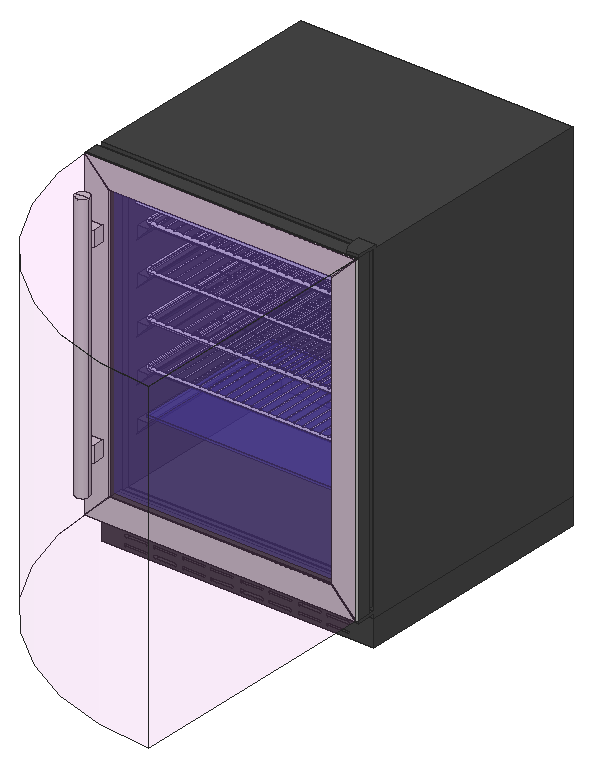
Revit family "QF_Summit_ALBV2466_Built_In_Compliant_Beverage_Center", category Specialty Equipment, Revit 2020
Family settings
  Round Connector Dimension = Use Diameter
  Part Type = Normal
  Work Plane-Based = No
  Always vertical = Yes
  Cut with Voids When Loaded = No
  Shared = No
  Room Calculation Point = No
Parameters
  Weight in Pounds = 112
  Watts = Volts * FL Amps  # 143.75 W
  Volts = 115 V
  URL Cutsheet = ""
  Specification by User = ""
  Specification by Manufacturer = ""
  Show RHD [instance] = not(Show LHD)  # no
  Show LHD [instance] = yes
  Show Clearance [instance] = yes
  Serial Number = ""
  Seismic Rating = ""
  SMACNA No = ""
  Revision Code = ""
  Refrigerant Volume = 0.00 kip
  Refrigerant Type = "R600a"
  Phase = 1
  Number of Poles = 1
  NAFEM Spec ID Number = ""
  Model = "ALBV2466"
  Min Ckt Ampacity = 0 A
  Max Overcurrent Protection = 0 A
  Masterspec = ""
  Manufacturer = "Summit"
  Length = 23 1/2"
  Item Number = ""
  Installed By = ""
  Identify Quantity as Lot = yes
  Height = 31.63"
  HP = ""
  Furnished By = ""
  Foodservice Equipment Identifier = yes
  FL Amps = 1.25 A
  Electrical Remarks = ""
  Electric Connection Type = ""
  Elec Conn RI Height = 0"
  Elec Conn Connection Height = 0"
  Description = "Built In Compliant Beverage Center"
  Depth = 23.38"
  Default Elevation = 0"
  Cycle = 60 Hz
  Conn Plug = ""
  Conn Conduit = yes
  CSI MasterFormat = ""
  BTUH = 0.0 Btu/h
  Apparent Power = 0 VA
Reference planes (in)
  plane 1 "BACK": y = 0
  plane 2: z = 0
  plane 3 "LEFT": x = 0
  plane 4 "RIGHT": x = 23.5
  plane 5 "FRONT": y = -23.38
  plane 6 "TOP": z = 31.63
  plane 7 "Center Y": x = 11.75
  plane 8 "Center X": y = -11.69
Dimensions and locks (in)
  equal spacing: plane 3 "LEFT", plane 7 "Center Y", plane 4 "RIGHT"
  "Length": plane 3 "LEFT" to plane 4 "RIGHT"
  equal spacing: plane 5 "FRONT", plane 8 "Center X", plane 1 "BACK"
  "Depth": plane 5 "FRONT" to plane 1 "BACK"
  "Height": plane 6 "TOP" to level
  aligned and locked: level to plane 2
Nested families (in)
  nested 1: "ALBV2466" at (0, 0, 0), Show Clearance <- "Show Clearance", Show LHD <- "Show LHD", Show RHD <- "Show RHD", type "ALBV2466"
    with Show RHD no, Show LHD yes, Show Clearance yes
Connectors (in)
  electrical at (17.72869, 0.03125, 1.50257), driven by "Volts", driven by "Watts"
    settings: on nested 1, index 1, voltage 115 V, apparent load 143.75 VA, apparent load phase1 0 VA, apparent load phase2 0 VA, apparent load phase3 0 VA, power factor 1, load classification "Other", number of poles 1, system type 30, power factor state 1, is connector primary yes, connector utility no, sub classification motor no, connector description "ELECTRICAL CONNECTION"
Definition of nested family "ALBV2466"
  Parameters (values of type "ALBV2466")
    Weight in Pounds = 0
    URL Cutsheet = ""
    Specification by User = ""
    Specification by Manufacturer = ""
    Show RHD [instance] = no
    Show LHD [instance] = yes
    Show Clearance [instance] = yes
    Serial Number = ""
    Seismic Rating = ""
    SMACNA No = ""
    Revision Code = ""
    NAFEM Spec ID Number = ""
    Masterspec = ""
    Length = 23 1/2"
    Item Number = ""
    Installed By = ""
    Identify Quantity as Lot = yes
    Height = 31.63"
    Furnished By = ""
    Foodservice Equipment Identifier = yes
    Depth = 23.38"
    Default Elevation = 0"
    CSI MasterFormat = ""
  Reference planes (in)
    plane 1 "BACK": y = 0
    plane 2: z = 0
    plane 3 "LEFT": x = 0
    plane 4 "RIGHT": x = 23.5
    plane 5 "FRONT": y = -23.38
    plane 6 "TOP": z = 31.63
    plane 7 "Center Y": x = 11.75
    plane 8 "Center X": y = -11.69
    plane 9: y = -21.5
    plane 10: y = -25.38
    plane 11: y = -45.75
    plane 12: z = 0.75
    plane 13: z = 3
    plane 14: z = 5.19826
    plane 15: z = 28.69826
    plane 16: y = -4.47703
    plane 17: x = 2.7162
    plane 18: x = 2.7162
    plane 19: x = 2.7162
    plane 20: x = 2.7162
    plane 21: z = 26.63193
  Forms (in)
    Extrusion 1, solid
      sketch origin (-2.23505, -180, 3) x (-1, 0, 0) y (0, -1, 0)
        loop
          line (-2.23505, -180) -> (-2.23505, -158.5) -> (-25.73505, -158.5) -> (-25.73505, -180) -> (-2.23505, -180)
      from 0 to 28.63
    Extrusion 2, solid
      sketch origin (-2.23505, -180, 3) x (0, -1, 0) y (-1, 0, 0)
        loop
          line (-180, -2.23505) -> (-180, -25.73505) -> (-158.5, -25.73505) -> (-158.5, -2.23505) -> (-180, -2.23505)
      from 0 to 2.25
    Extrusion 3, solid
      sketch origin (-0.90145, -180, 3.612) x (-1, 0, 0) y (0, -1, 0)
        loop
          line (-0.90145, -158.00011) -> (-0.90145, -156.745) -> (-24.40145, -156.745) -> (-24.40145, -158.00011) -> (-0.90145, -158.00011)
      from 0 to 28.018
    Extrusion 4, solid
      sketch origin (-2.23505, -180, 3.5) x (-1, 0, 0) y (0, -1, 0)
        loop
          line (-2.43171, -158.5) -> (-2.43171, -158.00011) -> (-25.53973, -158.00011) -> (-25.53973, -158.5) -> (-2.43171, -158.5)
      from 0.33346 to 27.88
    Extrusion 5, solid
      sketch origin (7.85548, -23.255, 3.612) x (-1, 0, 0) y (0, 0, -1)
        loop
          line (7.85548, -28.018) -> (7.85548, 0) -> (5.73416, -2.12132) -> (5.73416, -25.89668) -> (7.85548, -28.018)
      from 0 to 0.125
    Extrusion 6, solid
      sketch origin (7.85548, -23.255, 3.612) x (-1, 0, 0) y (0, 0, -1)
        loop
          line (5.73416, -25.89668) -> (-13.5232, -25.89668) -> (-15.64452, -28.018) -> (7.85548, -28.018) -> (5.73416, -25.89668)
      from 0 to 0.125
    Extrusion 7, solid
      sketch origin (7.85548, -23.255, 3.612) x (-1, 0, 0) y (0, 0, -1)
        loop
          line (-13.5232, -25.89668) -> (-13.5232, -2.12132) -> (-15.64452, 0) -> (-15.64452, -28.018) -> (-13.5232, -25.89668)
      from 0 to 0.125
    Extrusion 8, solid
      sketch origin (7.85548, -23.255, 3.612) x (-1, 0, 0) y (0, 0, -1)
        loop
          line (5.73416, -2.12132) -> (7.85548, 0) -> (-15.64452, 0) -> (-13.5232, -2.12132) -> (5.73416, -2.12132)
      from 0 to 0.125
    Extrusion 9, void
      sketch origin (0, -21.99989, 3.612) x (-1, 0, 0) y (0, 0, -1)
        loop
          line (-2.12132, -25.89668) -> (-2.12132, -2.12132) -> (-21.37868, -2.12132) -> (-21.37868, -25.89668) -> (-2.12132, -25.89668)
      from 0 to 1.38011
    Extrusion 10, void
      sketch origin (2.12132, -23.255, 5.73332) x (0, 1, 0) y (1, 0, 0)
        loop
          line (1.25511, 0.12868) -> (18.27797, 0.12868)
          arc (18.27797, 0.12868) -> (18.63152, 0.27513) -> (18.77797, 0.62868) r 0.5
          line (18.77797, 0.62868) -> (18.77797, 18.62868)
          arc (18.77797, 18.62868) -> (18.63152, 18.98223) -> (18.27797, 19.12868) r 0.5
          line (18.27797, 19.12868) -> (1.25511, 19.12868) -> (1.25511, 0.12868)
      from 0 to -23.77536
    Extrusion 11, solid
      sketch origin (0, -20.78021, 34.63209) x (0, 0, 1) y (1, 0, 0)
        loop
          line (-5.12341, 2.25) -> (-5.12341, 21.25) -> (-7.24448, 21.25) -> (-7.24448, 2.25) -> (-5.12341, 2.25)
      from 0 to 0.25
    Extrusion 12, solid
      sketch origin (0, -20.53021, 27.38761) x (0, 0, 1) y (1, 0, 0)
        loop
          line (-5.52711, 2.25) -> (-5.52711, 3.25) -> (-5.67824, 3.25) -> (-6.67824, 2.25) -> (-5.52711, 2.25)
        loop
          line (-9.27711, 2.25) -> (-9.27711, 3.25) -> (-9.42824, 3.25) -> (-10.42824, 2.25) -> (-9.27711, 2.25)
        loop
          line (-13.02711, 2.25) -> (-13.02711, 3.25) -> (-13.17824, 3.25) -> (-14.17824, 2.25) -> (-13.02711, 2.25)
        loop
          line (-16.77711, 2.25) -> (-16.77711, 3.25) -> (-16.92824, 3.25) -> (-17.92824, 2.25) -> (-16.77711, 2.25)
        loop
          line (-5.52711, 21.25) -> (-6.67824, 21.25) -> (-5.67824, 20.25) -> (-5.52711, 20.25) -> (-5.52711, 21.25)
        loop
          line (-9.27711, 21.25) -> (-10.42824, 21.25) -> (-9.42824, 20.25) -> (-9.27711, 20.25) -> (-9.27711, 21.25)
        loop
          line (-13.02711, 21.25) -> (-14.17824, 21.25) -> (-13.17824, 20.25) -> (-13.02711, 20.25) -> (-13.02711, 21.25)
        loop
          line (-16.77711, 21.25) -> (-17.92824, 21.25) -> (-16.92824, 20.25) -> (-16.77711, 20.25) -> (-16.77711, 21.25)
        loop
          line (-1.77711, 2.25) -> (-1.77711, 3.25) -> (-1.92824, 3.25) -> (-2.92824, 2.25) -> (-1.77711, 2.25)
        loop
          line (-1.77711, 21.25) -> (-2.92824, 21.25) -> (-1.92824, 20.25) -> (-1.77711, 20.25) -> (-1.77711, 21.25)
      from 0 to 14.38034
    Extrusion 13, solid
      sketch origin (0, -4.47703, 29.50868) x (0, 0, -1) y (1, 0, 0)
        loop
          circle (3.50966, 11.75) r 2.25
        loop
          circle (3.50966, 11.75) r 2.10564
        loop
          circle (3.50966, 11.75) r 1.9309
        loop
          circle (3.50966, 11.75) r 1.75
        loop
          circle (3.50966, 11.75) r 1.5
        loop
          circle (3.50966, 11.75) r 1.25
        loop
          circle (3.50966, 11.75) r 0.75
      from 0 to 0.03125
    Extrusion 14, solid
      sketch origin (0, -20.78021, 33.25709) x (0, 0, -1) y (1, 0, 0)
        loop
          line (4.31999, 10.85664) -> (5.06999, 10.85664) -> (5.06999, 12.10664) -> (4.31999, 12.10664) -> (4.31999, 10.85664)
      from 0 to 0.03125
    Extrusion 15, solid
      sketch origin (0, -20.78021, 33.25709) x (0, 0, -1) y (1, 0, 0)
        loop
          circle (4.64765, 8.37845) r 0.33359
        loop
          circle (4.64765, 9.37845) r 0.33359
        loop
          circle (4.64765, 13.44095) r 0.33359
        loop
          circle (4.64765, 14.44095) r 0.33359
      from 0 to 0.03125
    Extrusion 16, solid
      sketch origin (2.25, -20.53021, 10.6105) x (1, 0, 0) y (0, 1, 0)
        loop
          line (0.47997, 13.96676) -> (0.47997, 0.46676) -> (18.47997, 0.46676) -> (18.47997, 13.96676) -> (0.47997, 13.96676)
      from 0 to 0.25
    Sweep 17, solid
      path origin (0, 0, 0) x (1, 0, 0) y (0, 1, 0)
        loop
          arc (2.72997, -19.56345) -> (2.87641, -19.917) -> (3.22997, -20.06345) r 0.5
          line (3.22997, -20.06345) -> (20.22997, -20.06345)
          arc (20.22997, -20.06345) -> (20.58352, -19.917) -> (20.72997, -19.56345) r 0.5
          line (20.72997, -19.56345) -> (20.72997, -7.06345)
          arc (20.72997, -7.06345) -> (20.58352, -6.7099) -> (20.22997, -6.56345) r 0.5
          line (20.22997, -6.56345) -> (3.22997, -6.56345)
          arc (3.22997, -6.56345) -> (2.87641, -6.7099) -> (2.72997, -7.06345) r 0.5
          line (2.72997, -7.06345) -> (2.72997, -19.56345)
      profile origin (2.72997, -13.31345, 0) x (-1, 0, 0) y (0, 0, 1)
        loop
          circle (0, 22.02258) r 0.16208
        loop
          circle (0, 18.27258) r 0.16208
        loop
          circle (0, 14.52258) r 0.16208
        loop
          circle (0, 25.77258) r 0.16208
    Extrusion 18, solid
      sketch origin (0, 0, 0) x (1, 0, 0) y (0, 0, 1)
        loop
          circle (2.94646, 25.97767) r 0.0431
      from 6.54239 to 20.07175
    Extrusion 19, solid
      sketch origin (17.75, 0, 0) x (1, 0, 0) y (0, 0, 1)
        loop
          circle (2.94646, 25.97767) r 0.0431
      from 6.54239 to 20.07175
    Extrusion 20, solid
      sketch origin (0.73958, 0, 0) x (1, 0, 0) y (0, 0, 1)
        loop
          circle (2.94646, 25.97767) r 0.0431
      from 6.54239 to 20.07175
    Extrusion 21, solid
      sketch origin (1.47917, 0, 0) x (1, 0, 0) y (0, 0, 1)
        loop
          circle (2.94646, 25.97767) r 0.0431
      from 6.54239 to 20.07175
    Extrusion 22, solid
      sketch origin (2.21875, 0, 0) x (1, 0, 0) y (0, 0, 1)
        loop
          circle (2.94646, 25.97767) r 0.0431
      from 6.54239 to 20.07175
    Extrusion 23, solid
      sketch origin (2.95833, 0, 0) x (1, 0, 0) y (0, 0, 1)
        loop
          circle (2.94646, 25.97767) r 0.0431
      from 6.54239 to 20.07175
    Extrusion 24, solid
      sketch origin (3.69792, 0, 0) x (1, 0, 0) y (0, 0, 1)
        loop
          circle (2.94646, 25.97767) r 0.0431
      from 6.54239 to 20.07175
    Extrusion 25, solid
      sketch origin (4.4375, 0, 0) x (1, 0, 0) y (0, 0, 1)
        loop
          circle (2.94646, 25.97767) r 0.0431
      from 6.54239 to 20.07175
    Extrusion 26, solid
      sketch origin (5.17708, 0, 0) x (1, 0, 0) y (0, 0, 1)
        loop
          circle (2.94646, 25.97767) r 0.0431
      from 6.54239 to 20.07175
    Extrusion 27, solid
      sketch origin (5.91667, 0, 0) x (1, 0, 0) y (0, 0, 1)
        loop
          circle (2.94646, 25.97767) r 0.0431
      from 6.54239 to 20.07175
    Extrusion 28, solid
      sketch origin (6.65625, 0, 0) x (1, 0, 0) y (0, 0, 1)
        loop
          circle (2.94646, 25.97767) r 0.0431
      from 6.54239 to 20.07175
    Extrusion 29, solid
      sketch origin (7.39583, 0, 0) x (1, 0, 0) y (0, 0, 1)
        loop
          circle (2.94646, 25.97767) r 0.0431
      from 6.54239 to 20.07175
    Extrusion 30, solid
      sketch origin (8.13542, 0, 0) x (1, 0, 0) y (0, 0, 1)
        loop
          circle (2.94646, 25.97767) r 0.0431
      from 6.54239 to 20.07175
    Extrusion 31, solid
      sketch origin (8.875, 0, 0) x (1, 0, 0) y (0, 0, 1)
        loop
          circle (2.94646, 25.97767) r 0.0431
      from 6.54239 to 20.07175
    Extrusion 32, solid
      sketch origin (9.61458, 0, 0) x (1, 0, 0) y (0, 0, 1)
        loop
          circle (2.94646, 25.97767) r 0.0431
      from 6.54239 to 20.07175
    Extrusion 33, solid
      sketch origin (10.35417, 0, 0) x (1, 0, 0) y (0, 0, 1)
        loop
          circle (2.94646, 25.97767) r 0.0431
      from 6.54239 to 20.07175
    Extrusion 34, solid
      sketch origin (11.09375, 0, 0) x (1, 0, 0) y (0, 0, 1)
        loop
          circle (2.94646, 25.97767) r 0.0431
      from 6.54239 to 20.07175
    Extrusion 35, solid
      sketch origin (11.83333, 0, 0) x (1, 0, 0) y (0, 0, 1)
        loop
          circle (2.94646, 25.97767) r 0.0431
      from 6.54239 to 20.07175
    Extrusion 36, solid
      sketch origin (12.57292, 0, 0) x (1, 0, 0) y (0, 0, 1)
        loop
          circle (2.94646, 25.97767) r 0.0431
      from 6.54239 to 20.07175
    Extrusion 37, solid
      sketch origin (13.3125, 0, 0) x (1, 0, 0) y (0, 0, 1)
        loop
          circle (2.94646, 25.97767) r 0.0431
      from 6.54239 to 20.07175
    Extrusion 38, solid
      sketch origin (14.05208, 0, 0) x (1, 0, 0) y (0, 0, 1)
        loop
          circle (2.94646, 25.97767) r 0.0431
      from 6.54239 to 20.07175
    Extrusion 39, solid
      sketch origin (14.79167, 0, 0) x (1, 0, 0) y (0, 0, 1)
        loop
          circle (2.94646, 25.97767) r 0.0431
      from 6.54239 to 20.07175
    Extrusion 40, solid
      sketch origin (15.53125, 0, 0) x (1, 0, 0) y (0, 0, 1)
        loop
          circle (2.94646, 25.97767) r 0.0431
      from 6.54239 to 20.07175
    Extrusion 41, solid
      sketch origin (16.27083, 0, 0) x (1, 0, 0) y (0, 0, 1)
        loop
          circle (2.94646, 25.97767) r 0.0431
      from 6.54239 to 20.07175
    Extrusion 42, solid
      sketch origin (17.01042, 0, 0) x (1, 0, 0) y (0, 0, 1)
        loop
          circle (2.94646, 25.97767) r 0.0431
      from 6.54239 to 20.07175
    Extrusion 43, solid
      sketch origin (0, 0, -3.75) x (1, 0, 0) y (0, 0, 1)
        loop
          circle (2.94646, 25.97767) r 0.0431
      from 6.54239 to 20.07175
    Extrusion 44, solid
      sketch origin (0, 0, -7.5) x (1, 0, 0) y (0, 0, 1)
        loop
          circle (2.94646, 25.97767) r 0.0431
      from 6.54239 to 20.07175
    Extrusion 45, solid
      sketch origin (0, 0, -11.25) x (1, 0, 0) y (0, 0, 1)
        loop
          circle (2.94646, 25.97767) r 0.0431
      from 6.54239 to 20.07175
    Extrusion 46, solid
      sketch origin (17.75, 0, -3.75) x (1, 0, 0) y (0, 0, 1)
        loop
          circle (2.94646, 25.97767) r 0.0431
      from 6.54239 to 20.07175
    Extrusion 47, solid
      sketch origin (17.75, 0, -7.5) x (1, 0, 0) y (0, 0, 1)
        loop
          circle (2.94646, 25.97767) r 0.0431
      from 6.54239 to 20.07175
    Extrusion 48, solid
      sketch origin (17.75, 0, -11.25) x (1, 0, 0) y (0, 0, 1)
        loop
          circle (2.94646, 25.97767) r 0.0431
      from 6.54239 to 20.07175
    Extrusion 49, solid
      sketch origin (0.73958, 0, -3.75) x (1, 0, 0) y (0, 0, 1)
        loop
          circle (2.94646, 25.97767) r 0.0431
      from 6.54239 to 20.07175
    Extrusion 50, solid
      sketch origin (0.73958, 0, -7.5) x (1, 0, 0) y (0, 0, 1)
        loop
          circle (2.94646, 25.97767) r 0.0431
      from 6.54239 to 20.07175
    Extrusion 51, solid
      sketch origin (0.73958, 0, -11.25) x (1, 0, 0) y (0, 0, 1)
        loop
          circle (2.94646, 25.97767) r 0.0431
      from 6.54239 to 20.07175
    Extrusion 52, solid
      sketch origin (1.47917, 0, -3.75) x (1, 0, 0) y (0, 0, 1)
        loop
          circle (2.94646, 25.97767) r 0.0431
      from 6.54239 to 20.07175
    Extrusion 53, solid
      sketch origin (1.47917, 0, -7.5) x (1, 0, 0) y (0, 0, 1)
        loop
          circle (2.94646, 25.97767) r 0.0431
      from 6.54239 to 20.07175
    Extrusion 54, solid
      sketch origin (1.47917, 0, -11.25) x (1, 0, 0) y (0, 0, 1)
        loop
          circle (2.94646, 25.97767) r 0.0431
      from 6.54239 to 20.07175
    Extrusion 55, solid
      sketch origin (2.21875, 0, -3.75) x (1, 0, 0) y (0, 0, 1)
        loop
          circle (2.94646, 25.97767) r 0.0431
      from 6.54239 to 20.07175
    Extrusion 56, solid
      sketch origin (2.21875, 0, -7.5) x (1, 0, 0) y (0, 0, 1)
        loop
          circle (2.94646, 25.97767) r 0.0431
      from 6.54239 to 20.07175
    Extrusion 57, solid
      sketch origin (2.21875, 0, -11.25) x (1, 0, 0) y (0, 0, 1)
        loop
          circle (2.94646, 25.97767) r 0.0431
      from 6.54239 to 20.07175
    Extrusion 58, solid
      sketch origin (2.95833, 0, -3.75) x (1, 0, 0) y (0, 0, 1)
        loop
          circle (2.94646, 25.97767) r 0.0431
      from 6.54239 to 20.07175
    Extrusion 59, solid
      sketch origin (2.95833, 0, -7.5) x (1, 0, 0) y (0, 0, 1)
        loop
          circle (2.94646, 25.97767) r 0.0431
      from 6.54239 to 20.07175
    Extrusion 60, solid
      sketch origin (2.95833, 0, -11.25) x (1, 0, 0) y (0, 0, 1)
        loop
          circle (2.94646, 25.97767) r 0.0431
      from 6.54239 to 20.07175
    Extrusion 61, solid
      sketch origin (3.69792, 0, -3.75) x (1, 0, 0) y (0, 0, 1)
        loop
          circle (2.94646, 25.97767) r 0.0431
      from 6.54239 to 20.07175
    Extrusion 62, solid
      sketch origin (3.69792, 0, -7.5) x (1, 0, 0) y (0, 0, 1)
        loop
          circle (2.94646, 25.97767) r 0.0431
      from 6.54239 to 20.07175
    Extrusion 63, solid
      sketch origin (3.69792, 0, -11.25) x (1, 0, 0) y (0, 0, 1)
        loop
          circle (2.94646, 25.97767) r 0.0431
      from 6.54239 to 20.07175
    Extrusion 64, solid
      sketch origin (4.4375, 0, -3.75) x (1, 0, 0) y (0, 0, 1)
        loop
          circle (2.94646, 25.97767) r 0.0431
      from 6.54239 to 20.07175
    Extrusion 65, solid
      sketch origin (4.4375, 0, -7.5) x (1, 0, 0) y (0, 0, 1)
        loop
          circle (2.94646, 25.97767) r 0.0431
      from 6.54239 to 20.07175
    Extrusion 66, solid
      sketch origin (4.4375, 0, -11.25) x (1, 0, 0) y (0, 0, 1)
        loop
          circle (2.94646, 25.97767) r 0.0431
      from 6.54239 to 20.07175
    Extrusion 67, solid
      sketch origin (5.17708, 0, -3.75) x (1, 0, 0) y (0, 0, 1)
        loop
          circle (2.94646, 25.97767) r 0.0431
      from 6.54239 to 20.07175
    Extrusion 68, solid
      sketch origin (5.17708, 0, -7.5) x (1, 0, 0) y (0, 0, 1)
        loop
          circle (2.94646, 25.97767) r 0.0431
      from 6.54239 to 20.07175
    Extrusion 69, solid
      sketch origin (5.17708, 0, -11.25) x (1, 0, 0) y (0, 0, 1)
        loop
          circle (2.94646, 25.97767) r 0.0431
      from 6.54239 to 20.07175
    Extrusion 70, solid
      sketch origin (5.91667, 0, -3.75) x (1, 0, 0) y (0, 0, 1)
        loop
          circle (2.94646, 25.97767) r 0.0431
      from 6.54239 to 20.07175
    Extrusion 71, solid
      sketch origin (5.91667, 0, -7.5) x (1, 0, 0) y (0, 0, 1)
        loop
          circle (2.94646, 25.97767) r 0.0431
      from 6.54239 to 20.07175
    Extrusion 72, solid
      sketch origin (5.91667, 0, -11.25) x (1, 0, 0) y (0, 0, 1)
        loop
          circle (2.94646, 25.97767) r 0.0431
      from 6.54239 to 20.07175
    Extrusion 73, solid
      sketch origin (6.65625, 0, -3.75) x (1, 0, 0) y (0, 0, 1)
        loop
          circle (2.94646, 25.97767) r 0.0431
      from 6.54239 to 20.07175
    Extrusion 74, solid
      sketch origin (6.65625, 0, -7.5) x (1, 0, 0) y (0, 0, 1)
        loop
          circle (2.94646, 25.97767) r 0.0431
      from 6.54239 to 20.07175
    Extrusion 75, solid
      sketch origin (6.65625, 0, -11.25) x (1, 0, 0) y (0, 0, 1)
        loop
          circle (2.94646, 25.97767) r 0.0431
      from 6.54239 to 20.07175
    Extrusion 76, solid
      sketch origin (7.39583, 0, -3.75) x (1, 0, 0) y (0, 0, 1)
        loop
          circle (2.94646, 25.97767) r 0.0431
      from 6.54239 to 20.07175
    Extrusion 77, solid
      sketch origin (7.39583, 0, -7.5) x (1, 0, 0) y (0, 0, 1)
        loop
          circle (2.94646, 25.97767) r 0.0431
      from 6.54239 to 20.07175
    Extrusion 78, solid
      sketch origin (7.39583, 0, -11.25) x (1, 0, 0) y (0, 0, 1)
        loop
          circle (2.94646, 25.97767) r 0.0431
      from 6.54239 to 20.07175
    Extrusion 79, solid
      sketch origin (8.13542, 0, -3.75) x (1, 0, 0) y (0, 0, 1)
        loop
          circle (2.94646, 25.97767) r 0.0431
      from 6.54239 to 20.07175
    Extrusion 80, solid
      sketch origin (8.13542, 0, -7.5) x (1, 0, 0) y (0, 0, 1)
        loop
          circle (2.94646, 25.97767) r 0.0431
      from 6.54239 to 20.07175
    Extrusion 81, solid
      sketch origin (8.13542, 0, -11.25) x (1, 0, 0) y (0, 0, 1)
        loop
          circle (2.94646, 25.97767) r 0.0431
      from 6.54239 to 20.07175
    Extrusion 82, solid
      sketch origin (8.875, 0, -3.75) x (1, 0, 0) y (0, 0, 1)
        loop
          circle (2.94646, 25.97767) r 0.0431
      from 6.54239 to 20.07175
    Extrusion 83, solid
      sketch origin (8.875, 0, -7.5) x (1, 0, 0) y (0, 0, 1)
        loop
          circle (2.94646, 25.97767) r 0.0431
      from 6.54239 to 20.07175
    Extrusion 84, solid
      sketch origin (8.875, 0, -11.25) x (1, 0, 0) y (0, 0, 1)
        loop
          circle (2.94646, 25.97767) r 0.0431
      from 6.54239 to 20.07175
    Extrusion 85, solid
      sketch origin (9.61458, 0, -3.75) x (1, 0, 0) y (0, 0, 1)
        loop
          circle (2.94646, 25.97767) r 0.0431
      from 6.54239 to 20.07175
    Extrusion 86, solid
      sketch origin (9.61458, 0, -7.5) x (1, 0, 0) y (0, 0, 1)
        loop
          circle (2.94646, 25.97767) r 0.0431
      from 6.54239 to 20.07175
    Extrusion 87, solid
      sketch origin (9.61458, 0, -11.25) x (1, 0, 0) y (0, 0, 1)
        loop
          circle (2.94646, 25.97767) r 0.0431
      from 6.54239 to 20.07175
    Extrusion 88, solid
      sketch origin (10.35417, 0, -3.75) x (1, 0, 0) y (0, 0, 1)
        loop
          circle (2.94646, 25.97767) r 0.0431
      from 6.54239 to 20.07175
    Extrusion 89, solid
      sketch origin (10.35417, 0, -7.5) x (1, 0, 0) y (0, 0, 1)
        loop
          circle (2.94646, 25.97767) r 0.0431
      from 6.54239 to 20.07175
    Extrusion 90, solid
      sketch origin (10.35417, 0, -11.25) x (1, 0, 0) y (0, 0, 1)
        loop
          circle (2.94646, 25.97767) r 0.0431
      from 6.54239 to 20.07175
    Extrusion 91, solid
      sketch origin (11.09375, 0, -3.75) x (1, 0, 0) y (0, 0, 1)
        loop
          circle (2.94646, 25.97767) r 0.0431
      from 6.54239 to 20.07175
    Extrusion 92, solid
      sketch origin (11.09375, 0, -7.5) x (1, 0, 0) y (0, 0, 1)
        loop
          circle (2.94646, 25.97767) r 0.0431
      from 6.54239 to 20.07175
    Extrusion 93, solid
      sketch origin (11.09375, 0, -11.25) x (1, 0, 0) y (0, 0, 1)
        loop
          circle (2.94646, 25.97767) r 0.0431
      from 6.54239 to 20.07175
    Extrusion 94, solid
      sketch origin (11.83333, 0, -3.75) x (1, 0, 0) y (0, 0, 1)
        loop
          circle (2.94646, 25.97767) r 0.0431
      from 6.54239 to 20.07175
    Extrusion 95, solid
      sketch origin (11.83333, 0, -7.5) x (1, 0, 0) y (0, 0, 1)
        loop
          circle (2.94646, 25.97767) r 0.0431
      from 6.54239 to 20.07175
    Extrusion 96, solid
      sketch origin (11.83333, 0, -11.25) x (1, 0, 0) y (0, 0, 1)
        loop
          circle (2.94646, 25.97767) r 0.0431
      from 6.54239 to 20.07175
    Extrusion 97, solid
      sketch origin (12.57292, 0, -3.75) x (1, 0, 0) y (0, 0, 1)
        loop
          circle (2.94646, 25.97767) r 0.0431
      from 6.54239 to 20.07175
    Extrusion 98, solid
      sketch origin (12.57292, 0, -7.5) x (1, 0, 0) y (0, 0, 1)
        loop
          circle (2.94646, 25.97767) r 0.0431
      from 6.54239 to 20.07175
    Extrusion 99, solid
      sketch origin (12.57292, 0, -11.25) x (1, 0, 0) y (0, 0, 1)
        loop
          circle (2.94646, 25.97767) r 0.0431
      from 6.54239 to 20.07175
    Extrusion 100, solid
      sketch origin (13.3125, 0, -3.75) x (1, 0, 0) y (0, 0, 1)
        loop
          circle (2.94646, 25.97767) r 0.0431
      from 6.54239 to 20.07175
    Extrusion 101, solid
      sketch origin (13.3125, 0, -7.5) x (1, 0, 0) y (0, 0, 1)
        loop
          circle (2.94646, 25.97767) r 0.0431
      from 6.54239 to 20.07175
    Extrusion 102, solid
      sketch origin (13.3125, 0, -11.25) x (1, 0, 0) y (0, 0, 1)
        loop
          circle (2.94646, 25.97767) r 0.0431
      from 6.54239 to 20.07175
    Extrusion 103, solid
      sketch origin (14.05208, 0, -3.75) x (1, 0, 0) y (0, 0, 1)
        loop
          circle (2.94646, 25.97767) r 0.0431
      from 6.54239 to 20.07175
    Extrusion 104, solid
      sketch origin (14.05208, 0, -7.5) x (1, 0, 0) y (0, 0, 1)
        loop
          circle (2.94646, 25.97767) r 0.0431
      from 6.54239 to 20.07175
    Extrusion 105, solid
      sketch origin (14.05208, 0, -11.25) x (1, 0, 0) y (0, 0, 1)
        loop
          circle (2.94646, 25.97767) r 0.0431
      from 6.54239 to 20.07175
    Extrusion 106, solid
      sketch origin (14.79167, 0, -3.75) x (1, 0, 0) y (0, 0, 1)
        loop
          circle (2.94646, 25.97767) r 0.0431
      from 6.54239 to 20.07175
    Extrusion 107, solid
      sketch origin (14.79167, 0, -7.5) x (1, 0, 0) y (0, 0, 1)
        loop
          circle (2.94646, 25.97767) r 0.0431
      from 6.54239 to 20.07175
    Extrusion 108, solid
      sketch origin (14.79167, 0, -11.25) x (1, 0, 0) y (0, 0, 1)
        loop
          circle (2.94646, 25.97767) r 0.0431
      from 6.54239 to 20.07175
    Extrusion 109, solid
      sketch origin (15.53125, 0, -3.75) x (1, 0, 0) y (0, 0, 1)
        loop
          circle (2.94646, 25.97767) r 0.0431
      from 6.54239 to 20.07175
    Extrusion 110, solid
      sketch origin (15.53125, 0, -7.5) x (1, 0, 0) y (0, 0, 1)
        loop
          circle (2.94646, 25.97767) r 0.0431
      from 6.54239 to 20.07175
    Extrusion 111, solid
      sketch origin (15.53125, 0, -11.25) x (1, 0, 0) y (0, 0, 1)
        loop
          circle (2.94646, 25.97767) r 0.0431
      from 6.54239 to 20.07175
    Extrusion 112, solid
      sketch origin (16.27083, 0, -3.75) x (1, 0, 0) y (0, 0, 1)
        loop
          circle (2.94646, 25.97767) r 0.0431
      from 6.54239 to 20.07175
    Extrusion 113, solid
      sketch origin (16.27083, 0, -7.5) x (1, 0, 0) y (0, 0, 1)
        loop
          circle (2.94646, 25.97767) r 0.0431
      from 6.54239 to 20.07175
    Extrusion 114, solid
      sketch origin (16.27083, 0, -11.25) x (1, 0, 0) y (0, 0, 1)
        loop
          circle (2.94646, 25.97767) r 0.0431
      from 6.54239 to 20.07175
    Extrusion 115, solid
      sketch origin (17.01042, 0, -3.75) x (1, 0, 0) y (0, 0, 1)
        loop
          circle (2.94646, 25.97767) r 0.0431
      from 6.54239 to 20.07175
    Extrusion 116, solid
      sketch origin (17.01042, 0, -7.5) x (1, 0, 0) y (0, 0, 1)
        loop
          circle (2.94646, 25.97767) r 0.0431
      from 6.54239 to 20.07175
    Extrusion 117, solid
      sketch origin (17.01042, 0, -11.25) x (1, 0, 0) y (0, 0, 1)
        loop
          circle (2.94646, 25.97767) r 0.0431
      from 6.54239 to 20.07175
    Extrusion 118, solid
      sketch origin (0, 0, 0) x (0, 1, 0) y (0, 0, 1)
        loop
          circle (-14.59004, 25.90209) r 0.03254
        loop
          circle (-12.09004, 25.90209) r 0.03254
        loop
          circle (-14.59004, 22.15209) r 0.03254
        loop
          circle (-12.09004, 22.15209) r 0.03254
        loop
          circle (-14.59004, 18.40209) r 0.03254
        loop
          circle (-12.09004, 18.40209) r 0.03254
        loop
          circle (-14.59004, 14.65209) r 0.03254
        loop
          circle (-12.09004, 14.65209) r 0.03254
      from 2.7162 to 20.74497
    Sweep 119, solid
      path origin (0, 0, 0) x (1, 0, 0) y (0, 0, 1)
        loop
          line (20.68902, 18.24172) -> (20.68902, 18.49172)
          arc (20.68902, 18.49172) -> (20.6158, 18.6685) -> (20.43902, 18.74172) r 0.25
          line (20.43902, 18.74172) -> (3.0766, 18.74172)
          arc (3.0766, 18.74172) -> (2.89983, 18.6685) -> (2.8266, 18.49172) r 0.25
          line (2.8266, 18.49172) -> (2.8266, 18.24172)
      profile origin (2.8266, 0, 18.36672) x (0, -1, 0) y (1, 0, 0)
        loop
          circle (6.88625, 0) r 0.07884
    Sweep 120, solid
      path origin (0, 0, 3.75) x (1, 0, 0) y (0, 0, 1)
        loop
          line (20.68902, 18.24172) -> (20.68902, 18.49172)
          arc (20.68902, 18.49172) -> (20.6158, 18.6685) -> (20.43902, 18.74172) r 0.25
          line (20.43902, 18.74172) -> (3.0766, 18.74172)
          arc (3.0766, 18.74172) -> (2.89983, 18.6685) -> (2.8266, 18.49172) r 0.25
          line (2.8266, 18.49172) -> (2.8266, 18.24172)
      profile origin (2.8266, 0, 22.11672) x (0, -1, 0) y (1, 0, 0)
        loop
          circle (6.88625, 0) r 0.07884
    Sweep 121, solid
      path origin (0, 0, 7.5625) x (1, 0, 0) y (0, 0, 1)
        loop
          line (20.68902, 18.24172) -> (20.68902, 18.49172)
          arc (20.68902, 18.49172) -> (20.6158, 18.6685) -> (20.43902, 18.74172) r 0.25
          line (20.43902, 18.74172) -> (3.0766, 18.74172)
          arc (3.0766, 18.74172) -> (2.89983, 18.6685) -> (2.8266, 18.49172) r 0.25
          line (2.8266, 18.49172) -> (2.8266, 18.24172)
      profile origin (2.8266, 0, 25.92922) x (0, -1, 0) y (1, 0, 0)
        loop
          circle (6.88625, 0) r 0.07884
    Sweep 122, solid
      path origin (0, 0, -3.75) x (1, 0, 0) y (0, 0, 1)
        loop
          line (20.68902, 18.24172) -> (20.68902, 18.49172)
          arc (20.68902, 18.49172) -> (20.6158, 18.6685) -> (20.43902, 18.74172) r 0.25
          line (20.43902, 18.74172) -> (3.0766, 18.74172)
          arc (3.0766, 18.74172) -> (2.89983, 18.6685) -> (2.8266, 18.49172) r 0.25
          line (2.8266, 18.49172) -> (2.8266, 18.24172)
      profile origin (2.8266, 0, 14.61672) x (0, -1, 0) y (1, 0, 0)
        loop
          circle (6.88625, 0) r 0.07884
    Extrusion 123, solid
      sketch origin (21.37868, -21.99989, 5.73332) x (-1, 0, 0) y (0, -1, 0)
        loop
          line (19.25736, 0.87756) -> (0, 0.87756) -> (0, 0.37756) -> (19.25736, 0.37756) -> (19.25736, 0.87756)
      from 0 to 23.77536
    Extrusion 124, solid, visible <- "Show LHD"
      sketch origin (-0.96473, -180, 26.63193) x (-1, 0, 0) y (0, -1, 0)
        loop
          line (-1.27723, -156.62) -> (-1.27723, -155.68522) -> (-1.56809, -155.39437) -> (-2.31809, -155.39437) -> (-2.60052, -155.67681) -> (-2.60052, -156.62) -> (-1.27723, -156.62)
      from 0 to -1.29438
    Extrusion 125, solid, visible <- "Show LHD"
      sketch origin (-4.11139, -180, 8.66568) x (-1, 0, 0) y (0, -1, 0)
        loop
          line (-4.42389, -156.62) -> (-4.42389, -155.68522) -> (-4.71474, -155.39437) -> (-5.46474, -155.39437) -> (-5.74718, -155.67681) -> (-5.74718, -156.62) -> (-4.42389, -156.62)
      from 0 to 1.33143
    Revolve 126, solid, visible <- "Show LHD"
      sketch origin (0.60335, -24.80793, 48) x (-1, 0, 0) y (0, 0, 1)
        loop
          line (-0.375, -41.82413) -> (-0.375, -18.72857) -> (-0.94707, -18.72857) -> (-0.94707, -41.82413) -> (-0.375, -41.82413)
        axis (-0.375, -41.82413) -> (-0.375, -18.72857)
      angle from 0 to 360
    Extrusion 127, solid
      sketch origin (-2.23505, -180, 31.63) x (-1, 0, 0) y (0, -1, 0)
        loop
          line (-25.73505, -158.71979) -> (-24.2404, -158.71979)
          arc (-24.2404, -158.71979) -> (-24.33753, -157.74446) -> (-24.73505, -156.84854) r 3.09206
          line (-24.73505, -156.84854) -> (-25.73505, -156.84854) -> (-25.73505, -158.71979)
      from 0 to 0.25
    Extrusion 128, solid
      sketch origin (-0.90145, -180, 3.612) x (0, -1, 0) y (-1, 0, 0)
        loop
          line (-158.71979, -24.40145) -> (-156.84854, -24.40145) -> (-156.84854, -23.40145)
          arc (-156.84854, -23.40145) -> (-157.74446, -23.00394) -> (-158.71979, -22.9068) r 3.09206
          line (-158.71979, -22.9068) -> (-158.71979, -24.40145)
      from 0 to 0.25
    Extrusion 129, solid
      sketch origin (0, 0, 3) x (1, 0, 0) y (0, 0, -1)
        loop
          circle (17.72869, 1.49743) r 0.25
      from 0 to 0.03125
    Extrusion 130, void
      sketch origin (23.5, -21.5, 3) x (1, 0, 0) y (0, 0, -1)
        loop
          line (-21.35312, 0.20328) -> (-19.60312, 0.20328)
          arc (-19.60312, 0.20328) -> (-19.47812, 0.32828) -> (-19.60312, 0.45328) r 0.125
          line (-19.60312, 0.45328) -> (-21.35312, 0.45328)
          arc (-21.35312, 0.45328) -> (-21.47812, 0.32828) -> (-21.35312, 0.20328) r 0.125
        loop
          line (-21.35312, 0.95328) -> (-19.60312, 0.95328)
          arc (-19.60312, 0.95328) -> (-19.47812, 1.07828) -> (-19.60312, 1.20328) r 0.125
          line (-19.60312, 1.20328) -> (-21.35312, 1.20328)
          arc (-21.35312, 1.20328) -> (-21.47812, 1.07828) -> (-21.35312, 0.95328) r 0.125
        loop
          line (-21.35312, 1.70328) -> (-19.60312, 1.70328)
          arc (-19.60312, 1.70328) -> (-19.47812, 1.82828) -> (-19.60312, 1.95328) r 0.125
          line (-19.60312, 1.95328) -> (-21.35312, 1.95328)
          arc (-21.35312, 1.95328) -> (-21.47812, 1.82828) -> (-21.35312, 1.70328) r 0.125
        loop
          line (-18.85312, 0.20328) -> (-17.10312, 0.20328)
          arc (-17.10312, 0.20328) -> (-16.97812, 0.32828) -> (-17.10312, 0.45328) r 0.125
          line (-17.10312, 0.45328) -> (-18.85312, 0.45328)
          arc (-18.85312, 0.45328) -> (-18.97812, 0.32828) -> (-18.85312, 0.20328) r 0.125
        loop
          line (-18.85312, 0.95328) -> (-17.10312, 0.95328)
          arc (-17.10312, 0.95328) -> (-16.97812, 1.07828) -> (-17.10312, 1.20328) r 0.125
          line (-17.10312, 1.20328) -> (-18.85312, 1.20328)
          arc (-18.85312, 1.20328) -> (-18.97812, 1.07828) -> (-18.85312, 0.95328) r 0.125
        loop
          line (-18.85312, 1.70328) -> (-17.10312, 1.70328)
          arc (-17.10312, 1.70328) -> (-16.97812, 1.82828) -> (-17.10312, 1.95328) r 0.125
          line (-17.10312, 1.95328) -> (-18.85312, 1.95328)
          arc (-18.85312, 1.95328) -> (-18.97812, 1.82828) -> (-18.85312, 1.70328) r 0.125
        loop
          line (-16.35312, 0.20328) -> (-14.60312, 0.20328)
          arc (-14.60312, 0.20328) -> (-14.47812, 0.32828) -> (-14.60312, 0.45328) r 0.125
          line (-14.60312, 0.45328) -> (-16.35312, 0.45328)
          arc (-16.35312, 0.45328) -> (-16.47812, 0.32828) -> (-16.35312, 0.20328) r 0.125
        loop
          line (-16.35312, 0.95328) -> (-14.60312, 0.95328)
          arc (-14.60312, 0.95328) -> (-14.47812, 1.07828) -> (-14.60312, 1.20328) r 0.125
          line (-14.60312, 1.20328) -> (-16.35312, 1.20328)
          arc (-16.35312, 1.20328) -> (-16.47812, 1.07828) -> (-16.35312, 0.95328) r 0.125
        loop
          line (-16.35312, 1.70328) -> (-14.60312, 1.70328)
          arc (-14.60312, 1.70328) -> (-14.47812, 1.82828) -> (-14.60312, 1.95328) r 0.125
          line (-14.60312, 1.95328) -> (-16.35312, 1.95328)
          arc (-16.35312, 1.95328) -> (-16.47812, 1.82828) -> (-16.35312, 1.70328) r 0.125
        loop
          line (-13.95984, 0.20328) -> (-12.20984, 0.20328)
          arc (-12.20984, 0.20328) -> (-12.08484, 0.32828) -> (-12.20984, 0.45328) r 0.125
          line (-12.20984, 0.45328) -> (-13.95984, 0.45328)
          arc (-13.95984, 0.45328) -> (-14.08484, 0.32828) -> (-13.95984, 0.20328) r 0.125
        loop
          line (-13.95984, 0.95328) -> (-12.20984, 0.95328)
          arc (-12.20984, 0.95328) -> (-12.08484, 1.07828) -> (-12.20984, 1.20328) r 0.125
          line (-12.20984, 1.20328) -> (-13.95984, 1.20328)
          arc (-13.95984, 1.20328) -> (-14.08484, 1.07828) -> (-13.95984, 0.95328) r 0.125
        loop
          line (-13.95984, 1.70328) -> (-12.20984, 1.70328)
          arc (-12.20984, 1.70328) -> (-12.08484, 1.82828) -> (-12.20984, 1.95328) r 0.125
          line (-12.20984, 1.95328) -> (-13.95984, 1.95328)
          arc (-13.95984, 1.95328) -> (-14.08484, 1.82828) -> (-13.95984, 1.70328) r 0.125
        loop
          arc (-2.14688, 0.20328) -> (-2.02188, 0.32828) -> (-2.14688, 0.45328) r 0.125
          line (-2.14688, 0.45328) -> (-3.89688, 0.45328)
          arc (-3.89688, 0.45328) -> (-4.02188, 0.32828) -> (-3.89688, 0.20328) r 0.125
          line (-3.89688, 0.20328) -> (-2.14688, 0.20328)
        loop
          arc (-2.14688, 0.95328) -> (-2.02188, 1.07828) -> (-2.14688, 1.20328) r 0.125
          line (-2.14688, 1.20328) -> (-3.89688, 1.20328)
          arc (-3.89688, 1.20328) -> (-4.02188, 1.07828) -> (-3.89688, 0.95328) r 0.125
          line (-3.89688, 0.95328) -> (-2.14688, 0.95328)
        loop
          arc (-2.14688, 1.70328) -> (-2.02188, 1.82828) -> (-2.14688, 1.95328) r 0.125
          line (-2.14688, 1.95328) -> (-3.89688, 1.95328)
          arc (-3.89688, 1.95328) -> (-4.02188, 1.82828) -> (-3.89688, 1.70328) r 0.125
          line (-3.89688, 1.70328) -> (-2.14688, 1.70328)
        loop
          arc (-4.58438, 0.20328) -> (-4.45938, 0.32828) -> (-4.58438, 0.45328) r 0.125
          line (-4.58438, 0.45328) -> (-6.33438, 0.45328)
          arc (-6.33438, 0.45328) -> (-6.45938, 0.32828) -> (-6.33438, 0.20328) r 0.125
          line (-6.33438, 0.20328) -> (-4.58438, 0.20328)
        loop
          arc (-4.58438, 0.95328) -> (-4.45938, 1.07828) -> (-4.58438, 1.20328) r 0.125
          line (-4.58438, 1.20328) -> (-6.33438, 1.20328)
          arc (-6.33438, 1.20328) -> (-6.45938, 1.07828) -> (-6.33438, 0.95328) r 0.125
          line (-6.33438, 0.95328) -> (-4.58438, 0.95328)
        loop
          arc (-4.58438, 1.70328) -> (-4.45938, 1.82828) -> (-4.58438, 1.95328) r 0.125
          line (-4.58438, 1.95328) -> (-6.33438, 1.95328)
          arc (-6.33438, 1.95328) -> (-6.45938, 1.82828) -> (-6.33438, 1.70328) r 0.125
          line (-6.33438, 1.70328) -> (-4.58438, 1.70328)
        loop
          arc (-7.14688, 0.20328) -> (-7.02188, 0.32828) -> (-7.14688, 0.45328) r 0.125
          line (-7.14688, 0.45328) -> (-8.89688, 0.45328)
          arc (-8.89688, 0.45328) -> (-9.02188, 0.32828) -> (-8.89688, 0.20328) r 0.125
          line (-8.89688, 0.20328) -> (-7.14688, 0.20328)
        loop
          arc (-7.14688, 0.95328) -> (-7.02188, 1.07828) -> (-7.14688, 1.20328) r 0.125
          line (-7.14688, 1.20328) -> (-8.89688, 1.20328)
          arc (-8.89688, 1.20328) -> (-9.02188, 1.07828) -> (-8.89688, 0.95328) r 0.125
          line (-8.89688, 0.95328) -> (-7.14688, 0.95328)
        loop
          arc (-7.14688, 1.70328) -> (-7.02188, 1.82828) -> (-7.14688, 1.95328) r 0.125
          line (-7.14688, 1.95328) -> (-8.89688, 1.95328)
          arc (-8.89688, 1.95328) -> (-9.02188, 1.82828) -> (-8.89688, 1.70328) r 0.125
          line (-8.89688, 1.70328) -> (-7.14688, 1.70328)
        loop
          arc (-9.60266, 0.20328) -> (-9.47766, 0.32828) -> (-9.60266, 0.45328) r 0.125
          line (-9.60266, 0.45328) -> (-11.35266, 0.45328)
          arc (-11.35266, 0.45328) -> (-11.47766, 0.32828) -> (-11.35266, 0.20328) r 0.125
          line (-11.35266, 0.20328) -> (-9.60266, 0.20328)
        loop
          arc (-9.60266, 0.95328) -> (-9.47766, 1.07828) -> (-9.60266, 1.20328) r 0.125
          line (-9.60266, 1.20328) -> (-11.35266, 1.20328)
          arc (-11.35266, 1.20328) -> (-11.47766, 1.07828) -> (-11.35266, 0.95328) r 0.125
          line (-11.35266, 0.95328) -> (-9.60266, 0.95328)
        loop
          arc (-9.60266, 1.70328) -> (-9.47766, 1.82828) -> (-9.60266, 1.95328) r 0.125
          line (-9.60266, 1.95328) -> (-11.35266, 1.95328)
          arc (-11.35266, 1.95328) -> (-11.47766, 1.82828) -> (-11.35266, 1.70328) r 0.125
          line (-11.35266, 1.70328) -> (-9.60266, 1.70328)
      from 0 to 0.62964
    Revolve 131, solid
      sketch origin (0, -17.5, 0) x (1, 0, 0) y (0, 0, 1)
        loop
          line (1.75, 0.75) -> (1.75, 0) -> (2.25, 0) -> (2.25, 0.75) -> (1.75, 0.75)
        axis (1.75, 0) -> (1.75, 0.75)
      angle from 0 to 360
    Revolve 132, solid
      sketch origin (23.5, -17.5, 0) x (-1, 0, 0) y (0, 0, 1)
        loop
          line (1.75, 0.75) -> (1.75, 0) -> (2.25, 0) -> (2.25, 0.75) -> (1.75, 0.75)
        axis (1.75, 0) -> (1.75, 0.75)
      angle from 0 to 360
    Revolve 133, solid
      sketch origin (0, -4, 0) x (1, 0, 0) y (0, 0, 1)
        loop
          line (1.75, 0.75) -> (1.75, 0) -> (2.25, 0) -> (2.25, 0.75) -> (1.75, 0.75)
        axis (1.75, 0) -> (1.75, 0.75)
      angle from 0 to 360
    Revolve 134, solid
      sketch origin (23.5, -4, 0) x (-1, 0, 0) y (0, 0, 1)
        loop
          line (1.75, 0.75) -> (1.75, 0) -> (2.25, 0) -> (2.25, 0.75) -> (1.75, 0.75)
        axis (1.75, 0) -> (1.75, 0.75)
      angle from 0 to 360
    Extrusion 135, solid, visible <- "Show LHD"
      sketch origin (-0.90145, -180, 3.612) x (0, -1, 0) y (-1, 0, 0)
        loop
          line (-158.00011, -24.40145) -> (-134.25, -24.40145)
          arc (-134.25, -24.40145) -> (-141.22118, -7.69538) -> (-158.00011, -0.90145) r 23.5
          line (-158.00011, -0.90145) -> (-158.00011, -24.40145)
      from 0 to -28.018
    Extrusion 136, solid, visible <- "Show RHD"
      sketch origin (24.46473, -180, 26.63193) x (1, 0, 0) y (0, 1, 0)
        loop
          line (-1.27723, 156.62) -> (-2.60052, 156.62) -> (-2.60052, 155.67681) -> (-2.31809, 155.39437) -> (-1.56809, 155.39437) -> (-1.27723, 155.68522) -> (-1.27723, 156.62)
      from 0 to -1.29438
    Extrusion 137, solid, visible <- "Show RHD"
      sketch origin (27.61139, -180, 8.66568) x (1, 0, 0) y (0, 1, 0)
        loop
          line (-4.42389, 156.62) -> (-5.74718, 156.62) -> (-5.74718, 155.67681) -> (-5.46474, 155.39437) -> (-4.71474, 155.39437) -> (-4.42389, 155.68522) -> (-4.42389, 156.62)
      from 0 to 1.33143
    Revolve 138, solid, visible <- "Show RHD"
      sketch origin (22.89665, -24.80793, 48) x (1, 0, 0) y (0, 0, -1)
        loop
          line (-0.375, 41.82413) -> (-0.94707, 41.82413) -> (-0.94707, 18.72857) -> (-0.375, 18.72857) -> (-0.375, 41.82413)
        axis (-0.375, 41.82413) -> (-0.375, 18.72857)
      angle from 0 to 360
    Extrusion 139, solid, visible <- "Show RHD"
      sketch origin (24.40145, -180, 3.612) x (0, 1, 0) y (1, 0, 0)
        loop
          line (158.00011, -24.40145) -> (158.00011, -0.90145)
          arc (158.00011, -0.90145) -> (141.22118, -7.69538) -> (134.25, -24.40145) r 23.5
          line (134.25, -24.40145) -> (158.00011, -24.40145)
      from 0 to -28.018
  Cuts and joins
    Extrusion 9, Extrusion 10 cuts Extrusion 1
    joined: Extrusion 1, Extrusion 127, Extrusion 128
    Extrusion 9, Extrusion 10 cuts Extrusion 3
    Extrusion 10, Extrusion 130 cuts Extrusion 2
    Extrusion 10 cuts Extrusion 4
    joined: Sweep 17, Sweep 119, Sweep 120, Sweep 121, Sweep 122
    joined: Extrusion 124, Extrusion 125, Revolve 126
    Extrusion 130 cuts Extrusion 129
  Lines and regions (in)
    symbolic lines, visible <- "Show LHD"
      curve 1: line (0, -21.5, 0) -> (22, -21.5, 0)
      curve 2: arc (22.00535, -21.28021, 0) -> (22.10249, -22.25554, 0) -> (22.5, -23.15146, 0) r 3.09206
      curve 3: line (23.5, -21.28021, 0) -> (22.00535, -21.28021, 0)
      curve 4: line (22.5, -23.15146, 0) -> (23.5, -23.15146, 0)
      curve 9: line (0, -21.99989, 0) -> (22.04636, -21.99989, 0)
      curve 10: line (0.3125, -23.38, 0) -> (0.3125, -24.31478, 0)
      curve 11: line (0.3125, -24.31478, 0) -> (0.49681, -24.49909, 0)
      curve 12: line (1.45989, -24.49909, 0) -> (1.63579, -24.32319, 0)
      curve 13: line (1.63579, -24.32319, 0) -> (1.63579, -23.38, 0)
      curve 14: arc (0.40628, -24.80793, 0) -> (0.97835, -24.23586, 0) -> (1.55042, -24.80793, 0) r 0.57207
      curve 15: arc (1.55042, -24.80793, 0) -> (0.97835, -25.38, 0) -> (0.40628, -24.80793, 0) r 0.57207
      curve 16: line (0.19667, -21.5, 0) -> (0.19667, -21.99989, 0)
      curve 19: arc (3.03996, -33.81249, 0) -> (0.74022, -28.10686, 0) -> (0, -21.99989, 0) r 23.5
      curve 20: line (23.5, -21.99989, 0) -> (3.03996, -33.81249, 0)
    symbolic lines
      curve 5: line (23.5, -23.38, 0) -> (23.5, 0, 0)
      curve 6: line (0, -23.255, 0) -> (23.5, -23.255, 0)
      curve 7: line (0, -23.38, 0) -> (23.5, -23.38, 0)
      curve 8: line (0, -23.38, 0) -> (0, -21.99989, 0)
      curve 17: line (0, 0, 0) -> (0, -21.5, 0)
      curve 18: line (23.5, 0, 0) -> (0, 0, 0)
    symbolic lines, visible <- "Show RHD"
      curve 21: line (23.1875, -23.38, 0) -> (23.1875, -24.31478, 0)
      curve 22: line (23.1875, -24.31478, 0) -> (23.00319, -24.49909, 0)
      curve 23: line (22.04011, -24.49909, 0) -> (21.86421, -24.32319, 0)
      curve 24: line (21.86421, -24.32319, 0) -> (21.86421, -23.38, 0)
      curve 25: arc (23.09372, -24.80793, 0) -> (22.52165, -24.23586, 0) -> (21.94958, -24.80793, 0) r 0.57207
      curve 26: arc (21.94958, -24.80793, 0) -> (22.52165, -25.38, 0) -> (23.09372, -24.80793, 0) r 0.57207
      curve 27: arc (20.46004, -33.81249, 0) -> (22.75978, -28.10686, 0) -> (23.5, -21.99989, 0) r 23.5
      curve 28: line (0, -21.99989, 0) -> (20.46004, -33.81249, 0)
      curve 29: line (23.5, -21.5, 0) -> (1.5, -21.5, 0)
      curve 30: arc (1.49465, -21.28021, 0) -> (1.39751, -22.25554, 0) -> (1, -23.15146, 0) r 3.09206
      curve 31: line (0, -21.28021, 0) -> (1.49465, -21.28021, 0)
      curve 32: line (1, -23.15146, 0) -> (0, -23.15146, 0)
      curve 33: line (23.5, -21.99989, 0) -> (1.45364, -21.99989, 0)
      curve 34: line (23.30333, -21.5, 0) -> (23.30333, -21.99989, 0)
  Dimensions and locks (in)
    equal spacing: plane 3 "LEFT", plane 7 "Center Y", plane 4 "RIGHT"
    "Length": plane 3 "LEFT" to plane 4 "RIGHT"
    equal spacing: plane 5 "FRONT", plane 8 "Center X", plane 1 "BACK"
    "Depth": plane 5 "FRONT" to plane 1 "BACK"
    "Height": plane 6 "TOP" to level
    plane 1 "BACK" to plane 9 = 21 1/2"
    plane 5 "FRONT" to plane 10 = 2"
    plane 1 "BACK" to plane 11 = 45 3/4"
    plane 13 to plane 12 = 2 1/4"
    plane 2 to plane 12 = 3/4"
    equal spacing: group 1, group 3, group 4, group 5, group 6, group 7, group 8, group 9, group 10, group 11, group 12, group 13, group 14, group 15, group 16, group 17, group 18, group 19, group 20, group 21, group 22, group 23, group 24, group 25, group 2  (x3)
    aligned and locked: level to plane 2
  Automatic sketch dimensions
    plane 1 "BACK" to Extrusion 1 sketch curve = 0"
    Extrusion 1 sketch curve to plane 4 "RIGHT" = 0"
    Extrusion 1 sketch curve to plane 3 "LEFT" = 0"
    Extrusion 1 sketch curve to plane 9 = 0"
    Extrusion 2 sketch curve to Extrusion 1 = 0"  (x3)
    Extrusion 1 to Extrusion 2 sketch curve = 0"
    Extrusion 3 sketch curve to plane 4 "RIGHT" = 0"
    Extrusion 3 sketch curve to plane 3 "LEFT" = 0"
    Extrusion 3 sketch curve to plane 9 = 0.49989"
    Extrusion 3 sketch curve to plane 5 "FRONT" = 1/8"
    Extrusion 4 sketch curve to plane 9 = 0"
    plane 4 "RIGHT" to Extrusion 4 sketch curve = 25/128"
    plane 3 "LEFT" to Extrusion 4 sketch curve = 0.19667"
    Extrusion 4 sketch curve to plane 9 = 0.49989"
    Extrusion 5 sketch curve to Extrusion 3 = 0"  (x3)
    Extrusion 3 to Extrusion 5 sketch curve = 2.12132"  (x3)
    Extrusion 6 sketch curve to Extrusion 3 = 0"  (x3)
    Extrusion 6 sketch curve to Extrusion 3 = 2.12132"
    Extrusion 3 to Extrusion 6 sketch curve = 2.12132"  (x2)
    Extrusion 7 sketch curve to Extrusion 3 = 0"  (x3)
    Extrusion 7 sketch curve to Extrusion 3 = 2.12132"
    Extrusion 3 to Extrusion 7 sketch curve = 2.12132"  (x2)
    Extrusion 8 sketch curve to Extrusion 3 = 0"  (x3)
    Extrusion 8 sketch curve to Extrusion 3 = 2.12132"
    Extrusion 3 to Extrusion 8 sketch curve = 2.12132"  (x2)
    Extrusion 3 to Extrusion 9 sketch curve = 2.12132"  (x2)
    Extrusion 9 sketch curve to Extrusion 3 = 2.12132"  (x2)
    Extrusion 10 sketch curve to Extrusion 8 = 0.12868"  (x2)
    Extrusion 10 sketch curve to Extrusion 8 = 1.25511"
    Extrusion 10 sketch curve to Extrusion 8 = 0.62868"
    Extrusion 10 sketch curve to Extrusion 10 sketch curve = 17.02286"
    Extrusion 10 sketch curve to Extrusion 10 sketch curve = 1/2"
    plane 21 to Extrusion 11 sketch curve = 0.75568"
    plane 15 to Extrusion 11 sketch curve = 0.81042"
    plane 3 "LEFT" to Extrusion 11 sketch curve = 2 1/4"
    plane 4 "RIGHT" to Extrusion 11 sketch curve = 2 1/4"
    plane 14 to Extrusion 12 sketch curve = 4.26111"  (x2)
    Extrusion 12 sketch curve to Extrusion 12 sketch curve = 1"  (x18)
    Extrusion 12 sketch curve to Extrusion 12 sketch curve = 0.15113"  (x10)
    Extrusion 12 sketch curve to Extrusion 12 sketch curve = 2.59887"  (x6)
    plane 3 "LEFT" to Extrusion 12 sketch curve = 3 1/4"
    plane 3 "LEFT" to Extrusion 12 sketch curve = 2 1/4"  (x4)
    Extrusion 12 sketch curve to plane 21 = 2.17256"  (x2)
    Extrusion 12 sketch curve to plane 21 = 1.17256"  (x2)
    plane 4 "RIGHT" to Extrusion 12 sketch curve = 3 1/4"  (x5)
    Extrusion 13 sketch curve to Extrusion 13 sketch curve = 0"  (x42)
    Extrusion 13 sketch curve to plane 7 "Center Y" = 0"
    Extrusion 13 sketch curve to plane 21 = 0.63291"
    Extrusion 14 sketch curve to Extrusion 11 = 0.57158"
    Extrusion 14 sketch curve to Extrusion 14 sketch curve = 3/4"
    Extrusion 14 sketch curve to Extrusion 11 = 8.60664"
    Extrusion 14 sketch curve to Extrusion 14 sketch curve = 1 1/4"
    Extrusion 15 sketch curve to Extrusion 11 = 0.89924"  (x4)
    Extrusion 15 sketch curve to Extrusion 11 = 6.12845"
    Extrusion 15 sketch curve to Extrusion 15 sketch curve = 1"  (x2)
    Extrusion 15 sketch curve to Extrusion 15 sketch curve = 4 1/16"
    Extrusion 16 sketch curve to Extrusion 12 = 0.47997"
    Extrusion 12 to Extrusion 16 sketch curve = 0.46676"
    Extrusion 12 to Extrusion 16 sketch curve = 17.47997"
    Extrusion 12 to Extrusion 16 sketch curve = 0.41358"
    plane 3 "LEFT" to Sweep 17 sketch curve = 2.72997"
    Sweep 17 sketch curve to Sweep 17 sketch curve = 1/2"  (x3)
    plane 9 to Sweep 17 sketch curve = 1.43655"
    plane 4 "RIGHT" to Sweep 17 sketch curve = 3.27003"  (x2)
    plane 16 to Sweep 17 sketch curve = 2.58642"
    Sweep 17 sketch curve to profile plane = 0"  (x4)
    level to Sweep 17 sketch curve = 14.52258"
    Sweep 17 sketch curve to Sweep 17 sketch curve = 3 3/4"  (x3)
    Extrusion 118 sketch curve to plane 8 "Center X" = 2.90004"  (x4)
    Extrusion 118 sketch curve to plane 21 = 0.72984"  (x2)
    Extrusion 118 sketch curve to plane 8 "Center X" = 0.40004"  (x4)
    Extrusion 118 sketch curve to Extrusion 118 sketch curve = 3 3/4"  (x3)
    Extrusion 118 sketch curve to Extrusion 118 sketch curve = 0"  (x3)
    plane 3 "LEFT" to Sweep 119 sketch curve = 2.8266"
    Sweep 119 sketch curve to Sweep 119 sketch curve = 1/4"  (x4)
    plane 4 "RIGHT" to Sweep 119 sketch curve = 3.06098"
    Sweep 119 sketch curve to plane 21 = 8.14021"
    Sweep 119 sketch curve to profile plane = 0"
    plane 1 "BACK" to Sweep 119 sketch curve = 6.88625"
    plane 3 "LEFT" to Sweep 120 sketch curve = 2.8266"
    Sweep 120 sketch curve to Sweep 120 sketch curve = 1/4"  (x4)
    plane 4 "RIGHT" to Sweep 120 sketch curve = 3.06098"
    Sweep 120 sketch curve to plane 21 = 4.39021"
    Sweep 120 sketch curve to profile plane = 0"
    plane 1 "BACK" to Sweep 120 sketch curve = 6.88625"
    Sweep 121 sketch curve to plane 21 = 0.57771"  (x2)
    plane 3 "LEFT" to Sweep 121 sketch curve = 2.8266"
    Sweep 121 sketch curve to plane 21 = 0.32771"
    plane 4 "RIGHT" to Sweep 121 sketch curve = 3.06098"
    Sweep 121 sketch curve to Sweep 121 sketch curve = 1/4"  (x2)
    Sweep 121 sketch curve to profile plane = 0"
    plane 1 "BACK" to Sweep 121 sketch curve = 6.88625"
    plane 3 "LEFT" to Sweep 122 sketch curve = 2.8266"
    Sweep 122 sketch curve to Sweep 122 sketch curve = 1/4"  (x4)
    plane 4 "RIGHT" to Sweep 122 sketch curve = 3.06098"
    plane 14 to Sweep 122 sketch curve = 9.54346"
    Sweep 122 sketch curve to profile plane = 0"
    plane 1 "BACK" to Sweep 122 sketch curve = 6.88625"
    Extrusion 123 sketch curve to Extrusion 9 = 0"  (x2)
    Extrusion 9 to Extrusion 123 sketch curve = 0.37756"
    Extrusion 123 sketch curve to Extrusion 123 sketch curve = 1/2"
    plane 5 "FRONT" to Extrusion 124 sketch curve = 0"
    plane 3 "LEFT" to Extrusion 124 sketch curve = 1.63579"
    Extrusion 124 sketch curve to Extrusion 124 sketch curve = 0.28244"  (x2)
    plane 3 "LEFT" to Extrusion 124 sketch curve = 0.60335"
    plane 3 "LEFT" to Extrusion 124 sketch curve = 5/16"
    plane 5 "FRONT" to Extrusion 124 sketch curve = 0.93478"
    plane 5 "FRONT" to Extrusion 124 sketch curve = 0.94319"
    plane 5 "FRONT" to Extrusion 125 sketch curve = 0"
    plane 3 "LEFT" to Extrusion 125 sketch curve = 1.63579"
    Extrusion 125 sketch curve to Extrusion 125 sketch curve = 0.28244"  (x2)
    plane 3 "LEFT" to Extrusion 125 sketch curve = 0.60335"
    plane 3 "LEFT" to Extrusion 125 sketch curve = 5/16"
    plane 5 "FRONT" to Extrusion 125 sketch curve = 0.93478"
    plane 5 "FRONT" to Extrusion 125 sketch curve = 0.94319"
    plane 3 "LEFT" to Revolve 126 sketch curve = 1.55042"
    Revolve 126 sketch curve to Revolve 126 sketch curve = 0.57207"
    plane 14 to Revolve 126 sketch curve = 0.97761"
    plane 15 to Revolve 126 sketch curve = 0.57317"
    Revolve 126 sketch curve to Revolve 126 sketch curve = 0"  (x2)
    Revolve 126 sketch curve to Revolve 126 sketch curve = 1"
    Extrusion 127 sketch curve to Extrusion 1 = 0"
    Extrusion 127 sketch curve to Extrusion 1 = 0.03468"
    Extrusion 1 to Extrusion 127 sketch curve = 1.59186"
    Extrusion 127 sketch curve to Extrusion 127 sketch curve = 1"
    Extrusion 127 sketch curve to Extrusion 1 = 0.21979"
    Extrusion 127 sketch curve to Extrusion 127 sketch curve = 1.49465"
    Extrusion 128 sketch curve to Extrusion 3 = 0"
    Extrusion 128 sketch curve to Extrusion 3 = 0.71968"
    Extrusion 128 sketch curve to Extrusion 3 = 0.53456"
    Extrusion 3 to Extrusion 128 sketch curve = 0.10354"
    Extrusion 3 to Extrusion 128 sketch curve = 1"
    Extrusion 3 to Extrusion 128 sketch curve = 1.49465"
    Extrusion 2 to Extrusion 129 sketch curve = 0.75257"
    Extrusion 129 sketch curve to Extrusion 2 = 5.77131"
    Extrusion 130 sketch curve to Extrusion 2 = 0.20328"  (x7)
    Extrusion 130 sketch curve to Extrusion 2 = 2.14688"
    Extrusion 130 sketch curve to Extrusion 2 = 0.42172"  (x4)
    Extrusion 130 sketch curve to Extrusion 130 sketch curve = 0"  (x28)
